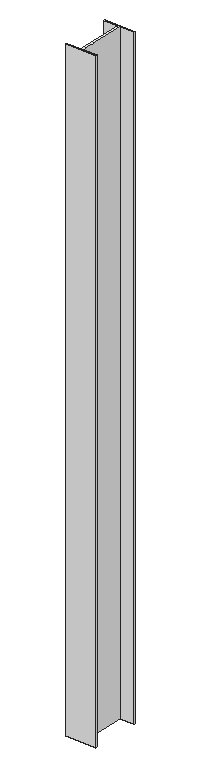
Revit family "VS - VS de vigas soldadas - Coluna", category Pilares estruturais, Revit 2019
Family settings
  Forma do corte = Não definido
  Material para o comportamento do modelo = Aço
  Exportar sempre como geometria = Não
  Redução da viga na planta = Da caixa de vinculação
  Corte com vazios quando carregada = Não
  Representação simbólica = Das configurações de projeto
  Compartilhado = Não
  Exibir o pré-corte da família na vista da planta = Sim
Parameters (values of type "VS 200x19")
  tw = 4.75 mm
  tf = 6.3 mm
  d = 200 mm
  bf = 120 mm
  W = 0.0219
  Structural Material [instance] = Metal - Aço - 250 MPa
  A = 0.0024 m²
Reference planes
  plane 1 "Centro (Frente/Trás)": y = 0
  plane 2: z = 0
  plane 3 "Centro (Esquerda/Direita)": x = 0
  plane 4 "Esquerda": x = -60
  plane 5 "Direita": x = 60
  plane 6 "Parte posterior": y = 100
  plane 7 "Parte frontal": y = -100
  plane 8: x = -2.375
  plane 9: x = 2.375
  plane 10: y = -93.7
  plane 11: y = 93.7
Forms (mm)
  Extrusion 1, solid, material "Metal - Aço - 250 MPa" <- "Structural Material", detail levels medium+fine
    sketch origin (0, 0, 0) x (1, 0, 0) y (0, 1, 0)
      loop
        line (-60, 100) -> (-60, 93.7) -> (-2.375, 93.7) -> (-2.375, -93.7) -> (-60, -93.7) -> (-60, -100) -> (60, -100) -> (60, -93.7) -> (2.375, -93.7) -> (2.375, 93.7) -> (60, 93.7) -> (60, 100) -> (-60, 100)
    from 0 to 2500
Lines and regions (mm)
  symbolic lines, style "StructuralColumnStickSymbols", detail levels coarse
    curve 1: line (60, 100, 0) -> (-60, 100, 0)
    curve 2: line (-60, -100, 0) -> (60, -100, 0)
    curve 3: line (0, 100, 0) -> (0, -100, 0)
  symbolic lines, style "Faces ocultas", detail levels medium+fine
    curve 4: line (2.375, 100, 0) -> (2.375, 100, 2500)
    curve 5: line (-2.375, 100, 2500) -> (-2.375, 100, 0)
Dimensions and locks
  equal spacing: plane 4 "Esquerda", plane 3 "Centro (Esquerda/Direita)", plane 5 "Direita"
  equal spacing: plane 7 "Parte frontal", plane 1 "Centro (Frente/Trás)", plane 6 "Parte posterior"
  "bf": plane 4 "Esquerda" to plane 5 "Direita"
  "d": plane 7 "Parte frontal" to plane 6 "Parte posterior"
  "tf": plane 6 "Parte posterior" to plane 11
  "tf": plane 10 to plane 7 "Parte frontal"
  equal spacing: plane 8, plane 3 "Centro (Esquerda/Direita)", plane 9
  "tw": plane 8 to plane 9
  aligned and locked: level to plane 2
  aligned and locked: plane 6 "Parte posterior" to Extrusion 1 sketch curve
  aligned and locked: Extrusion 1 sketch curve to plane 7 "Parte frontal"
  aligned and locked: plane 5 "Direita" to Extrusion 1 sketch curve  (x2)
  aligned and locked: Extrusion 1 sketch curve to plane 4 "Esquerda"  (x2)
  aligned and locked: level to Extrusion 1
  aligned and locked: Extrusion 1 to level
  aligned and locked: plane 11 to Extrusion 1 sketch curve  (x2)
  aligned and locked: plane 8 to Extrusion 1 sketch curve
  aligned and locked: plane 9 to Extrusion 1 sketch curve
  aligned and locked: Extrusion 1 sketch curve to plane 10  (x2)
  aligned and locked: curve 1 to Extrusion 1
  aligned and locked: curve 2 to Extrusion 1
  aligned and locked: curve 3 to plane 3 "Centro (Esquerda/Direita)"
  aligned and locked: plane 4 "Esquerda" to curve 1
  aligned and locked: plane 5 "Direita" to curve 1
  aligned and locked: plane 4 "Esquerda" to curve 2
  aligned and locked: plane 5 "Direita" to curve 2
  aligned and locked: plane 7 "Parte frontal" to curve 3
  aligned and locked: plane 6 "Parte posterior" to curve 3
  aligned and locked: curve 4 to Extrusion 1
  aligned and locked: curve 5 to Extrusion 1
  aligned and locked: level to curve 4
  aligned and locked: level to curve 5
  aligned and locked: plane 2 to curve 4
  aligned and locked: plane 2 to curve 5
Automatic sketch dimensions
  curve 5 to plane 8 = 0 mm
  plane 9 to curve 4 = 0 mm
Types in the file's own list only (116): name | tw | tf | d | bf | W | A
  VS 200x22 | 5 mm | 8 mm | 200 mm | 120 mm | 0.0219 | 0.00 m²
  VS 200x25 | 5 mm | 10 mm | 200 mm | 120 mm | 0.0246 | 0.00 m²
  VS 200x20 | 5 mm | 6 mm | 200 mm | 130 mm | 0.0198 | 0.00 m²
  VS 200x23 | 5 mm | 8 mm | 200 mm | 130 mm | 0.0232 | 0.00 m²
  VS 200x26 | 5 mm | 10 mm | 200 mm | 130 mm | 0.0261 | 0.00 m²
  VS 200x21 | 5 mm | 6 mm | 200 mm | 140 mm | 0.0208 | 0.00 m²
  VS 200x24 | 5 mm | 8 mm | 200 mm | 140 mm | 0.0244 | 0.00 m²
  VS 200x28 | 5 mm | 10 mm | 200 mm | 140 mm | 0.0276 | 0.00 m²
  VS 250x21 | 5 mm | 6 mm | 250 mm | 120 mm | 0.0207 | 0.00 m²
  VS 250x24 | 5 mm | 8 mm | 250 mm | 120 mm | 0.0238 | 0.00 m²
  VS 250x27 | 5 mm | 10 mm | 250 mm | 120 mm | 0.0265 | 0.00 m²
  VS 250x23 | 5 mm | 8 mm | 250 mm | 140 mm | 0.0263 | 0.00 m²
  VS 250x30 | 5 mm | 10 mm | 250 mm | 140 mm | 0.0295 | 0.00 m²
  VS 250x25 | 5 mm | 6 mm | 250 mm | 160 mm | 0.0247 | 0.00 m²
  VS 250x29 | 5 mm | 8 mm | 250 mm | 160 mm | 0.0288 | 0.00 m²
  VS 250x33 | 5 mm | 10 mm | 250 mm | 160 mm | 0.0325 | 0.00 m²
  VS 300x23 | 5 mm | 6 mm | 300 mm | 120 mm | 0.0226 | 0.00 m²
  VS 300x26 | 5 mm | 8 mm | 300 mm | 120 mm | 0.0257 | 0.00 m²
  VS 300x29 | 5 mm | 6 mm | 300 mm | 180 mm | 0.0285 | 0.00 m²
  VS 300x25 | 5 mm | 6 mm | 300 mm | 140 mm | 0.0246 | 0.00 m²
  VS 300x28 | 5 mm | 8 mm | 300 mm | 140 mm | 0.0282 | 0.00 m²
  VS 300x32 | 5 mm | 10 mm | 300 mm | 140 mm | 0.0314 | 0.00 m²
  VS 300x27 | 5 mm | 6 mm | 300 mm | 160 mm | 0.0265 | 0.00 m²
  VS 300x31 | 5 mm | 8 mm | 300 mm | 160 mm | 0.0307 | 0.00 m²
  VS 300x34 | 5 mm | 10 mm | 300 mm | 160 mm | 0.0343 | 0.00 m²
  VS 300x33 | 5 mm | 8 mm | 300 mm | 180 mm | 0.0332 | 0.00 m²
  VS 300x38 | 5 mm | 10 mm | 300 mm | 180 mm | 0.0373 | 0.00 m²
  VS 350x26 | 5 mm | 6 mm | 350 mm | 140 mm | 0.0264 | 0.00 m²
  VS 350x30 | 5 mm | 8 mm | 350 mm | 140 mm | 0.03 | 0.00 m²
  VS 350x34 | 5 mm | 10 mm | 350 mm | 140 mm | 0.0332 | 0.00 m²
  VS 350x28 | 5 mm | 6 mm | 350 mm | 160 mm | 0.0284 | 0.00 m²
  VS 350x33 | 5 mm | 8 mm | 350 mm | 160 mm | 0.0326 | 0.00 m²
  VS 350x36 | 5 mm | 10 mm | 350 mm | 160 mm | 0.0362 | 0.00 m²
  VS 350x31 | 5 mm | 6 mm | 350 mm | 180 mm | 0.0304 | 0.00 m²
  VS 350x35 | 5 mm | 8 mm | 350 mm | 180 mm | 0.0351 | 0.00 m²
  VS 350x39 | 5 mm | 10 mm | 350 mm | 180 mm | 0.0392 | 0.00 m²
  VS 350x38 | 5 mm | 8 mm | 350 mm | 200 mm | 0.0376 | 0.00 m²
  VS 350x42 | 5 mm | 10 mm | 350 mm | 200 mm | 0.0422 | 0.01 m²
  VS 400x28 | 5 mm | 6 mm | 400 mm | 140 mm | 0.0283 | 0.00 m²
  VS 400x32 | 5 mm | 8 mm | 400 mm | 140 mm | 0.0319 | 0.00 m²
  VS 400x35 | 5 mm | 10 mm | 400 mm | 140 mm | 0.0351 | 0.00 m²
  VS 400x30 | 5 mm | 6 mm | 400 mm | 160 mm | 0.0303 | 0.00 m²
  VS 400x34 | 5 mm | 8 mm | 400 mm | 160 mm | 0.0344 | 0.00 m²
  VS 400x38 | 5 mm | 10 mm | 400 mm | 160 mm | 0.0381 | 0.00 m²
  VS 400x33 | 5 mm | 6 mm | 400 mm | 180 mm | 0.0322 | 0.00 m²
  VS 400x37 | 5 mm | 8 mm | 400 mm | 180 mm | 0.0369 | 0.00 m²
  VS 400x41 | 5 mm | 10 mm | 400 mm | 180 mm | 0.0411 | 0.01 m²
  VS 400x40 | 5 mm | 8 mm | 400 mm | 200 mm | 0.0394 | 0.01 m²
  VS 400x44 | 5 mm | 10 mm | 400 mm | 200 mm | 0.044 | 0.01 m²
  VS 200x27 | 6 mm | 8 mm | 200 mm | 140 mm | 0.0267 | 0.00 m²
  VS 200x30 | 6 mm | 10 mm | 200 mm | 140 mm | 0.0298 | 0.00 m²
  VS 250x32 | 6 mm | 8 mm | 250 mm | 160 mm | 0.0317 | 0.00 m²
  VS 250x35 | 6 mm | 10 mm | 250 mm | 160 mm | 0.0353 | 0.00 m²
  VS 300x37 | 6 mm | 8 mm | 300 mm | 180 mm | 0.0366 | 0.00 m²
  VS 300x41 | 6 mm | 10 mm | 300 mm | 180 mm | 0.0407 | 0.01 m²
  VS 350x46 | 6 mm | 10 mm | 350 mm | 200 mm | 0.0462 | 0.01 m²
  VS 400x49 | 6 mm | 10 mm | 400 mm | 200 mm | 0.0487 | 0.01 m²
  VS 400x58 | 6 mm | 13 mm | 400 mm | 200 mm | 0.0578 | 0.01 m²
  VS 400x68 | 6 mm | 16 mm | 400 mm | 200 mm | 0.0684 | 0.01 m²
  VS 400x78 | 6 mm | 19 mm | 400 mm | 200 mm | 0.0776 | 0.01 m²
  VS 450x51 | 6 mm | 10 mm | 450 mm | 200 mm | 0.0511 | 0.01 m²
  VS 450x60 | 6 mm | 13 mm | 450 mm | 200 mm | 0.0603 | 0.01 m²
  VS 450x71 | 6 mm | 16 mm | 450 mm | 200 mm | 0.0709 | 0.01 m²
  VS 450x80 | 6 mm | 19 mm | 450 mm | 200 mm | 0.08 | 0.01 m²
  VS 500x61 | 6 mm | 10 mm | 500 mm | 250 mm | 0.0611 | 0.01 m²
  VS 500x73 | 6 mm | 13 mm | 500 mm | 250 mm | 0.0726 | 0.01 m²
  VS 500x86 | 6 mm | 16 mm | 500 mm | 250 mm | 0.0859 | 0.01 m²
  VS 500x97 | 6 mm | 19 mm | 500 mm | 250 mm | 0.0974 | 0.01 m²
  VS 550x64 | 6 mm | 10 mm | 550 mm | 250 mm | 0.0635 | 0.01 m²
  VS 550x75 | 6 mm | 13 mm | 550 mm | 250 mm | 0.075 | 0.01 m²
  VS 550x88 | 6 mm | 16 mm | 550 mm | 250 mm | 0.0884 | 0.01 m²
  VS 550x100 | 6 mm | 19 mm | 550 mm | 250 mm | 0.0999 | 0.01 m²
  VS 600x95 | 8 mm | 13 mm | 600 mm | 300 mm | 0.095 | 0.01 m²
  VS 600x111 | 8 mm | 16 mm | 600 mm | 300 mm | 0.111 | 0.01 m²
  VS 600x125 | 8 mm | 19 mm | 600 mm | 300 mm | 0.125 | 0.02 m²
  VS 600x140 | 8 mm | 22 mm | 600 mm | 300 mm | 0.14 | 0.02 m²
  VS 600x152 | 8 mm | 25 mm | 600 mm | 300 mm | 0.152 | 0.02 m²
  VS 600x98 | 8 mm | 13 mm | 650 mm | 300 mm | 0.0981 | 0.01 m²
  VS 650x114 | 8 mm | 16 mm | 650 mm | 300 mm | 0.114 | 0.01 m²
  VS 650x128 | 8 mm | 19 mm | 650 mm | 300 mm | 0.128 | 0.02 m²
  VS 650x144 | 8 mm | 22 mm | 650 mm | 300 mm | 0.144 | 0.02 m²
  VS 650x155 | 8 mm | 25 mm | 650 mm | 300 mm | 0.155 | 0.02 m²
  VS 700x105 | 8 mm | 13 mm | 700 mm | 320 mm | 0.105 | 0.01 m²
  VS 700x122 | 8 mm | 16 mm | 700 mm | 320 mm | 0.122 | 0.02 m²
  VS 700x137 | 8 mm | 19 mm | 700 mm | 320 mm | 0.137 | 0.02 m²
  VS 700x154 | 8 mm | 22 mm | 700 mm | 320 mm | 0.154 | 0.02 m²
  VS 700x166 | 8 mm | 25 mm | 700 mm | 320 mm | 0.166 | 0.02 m²
  VS 750x108 | 8 mm | 13 mm | 750 mm | 320 mm | 0.108 | 0.01 m²
  VS 750x125 | 8 mm | 16 mm | 750 mm | 320 mm | 0.125 | 0.02 m²
  VS 750x140 | 8 mm | 19 mm | 750 mm | 320 mm | 0.14 | 0.02 m²
  VS 750x157 | 8 mm | 22 mm | 750 mm | 320 mm | 0.157 | 0.02 m²
  VS 750x170 | 8 mm | 25 mm | 750 mm | 320 mm | 0.17 | 0.02 m²
  VS 800x111 | 8 mm | 13 mm | 800 mm | 320 mm | 0.111 | 0.01 m²
  VS 800x129 | 8 mm | 16 mm | 800 mm | 320 mm | 0.129 | 0.02 m²
  VS 800x143 | 8 mm | 19 mm | 800 mm | 320 mm | 0.143 | 0.02 m²
  VS 800x160 | 8 mm | 22 mm | 800 mm | 320 mm | 0.16 | 0.02 m²
  VS 850x120 | 8 mm | 13 mm | 850 mm | 350 mm | 0.12 | 0.02 m²
  VS 850x139 | 8 mm | 16 mm | 850 mm | 350 mm | 0.139 | 0.02 m²
  VS 850x155 | 8 mm | 19 mm | 850 mm | 350 mm | 0.155 | 0.02 m²
  VS 850x174 | 8 mm | 19 mm | 850 mm | 350 mm | 0.174 | 0.02 m²
  VS 850x188 | 8 mm | 25 mm | 850 mm | 350 mm | 0.188 | 0.02 m²
  VS 900x124 | 8 mm | 13 mm | 900 mm | 350 mm | 0.124 | 0.02 m²
  VS 900x142 | 8 mm | 16 mm | 900 mm | 350 mm | 0.142 | 0.02 m²
  VS 900x159 | 8 mm | 19 mm | 900 mm | 350 mm | 0.159 | 0.02 m²
  VS 900x177 | 8 mm | 22 mm | 900 mm | 350 mm | 0.177 | 0.02 m²
  VS 900x191 | 8 mm | 25 mm | 900 mm | 350 mm | 0.191 | 0.02 m²
  VS 950x127 | 8 mm | 13 mm | 950 mm | 350 mm | 0.127 | 0.02 m²
  VS 950x146 | 8 mm | 16 mm | 950 mm | 350 mm | 0.146 | 0.02 m²
  VS 950x162 | 8 mm | 19 mm | 950 mm | 350 mm | 0.162 | 0.02 m²
  VS 950x180 | 8 mm | 22 mm | 950 mm | 350 mm | 0.18 | 0.02 m²
  VS 950x194 | 8 mm | 25 mm | 950 mm | 350 mm | 0.194 | 0.02 m²
  VS 1000x140 | 8 mm | 13 mm | 1000 mm | 400 mm | 0.14 | 0.02 m²
  VS 1000x161 | 8 mm | 16 mm | 1000 mm | 400 mm | 0.161 | 0.02 m²
  VS 1000x180 | 8 mm | 19 mm | 1000 mm | 400 mm | 0.18 | 0.02 m²
  VS 1000x201 | 8 mm | 22 mm | 1000 mm | 400 mm | 0.201 | 0.03 m²
  VS 1000x217 | 8 mm | 25 mm | 1000 mm | 400 mm | 0.217 | 0.03 m²
